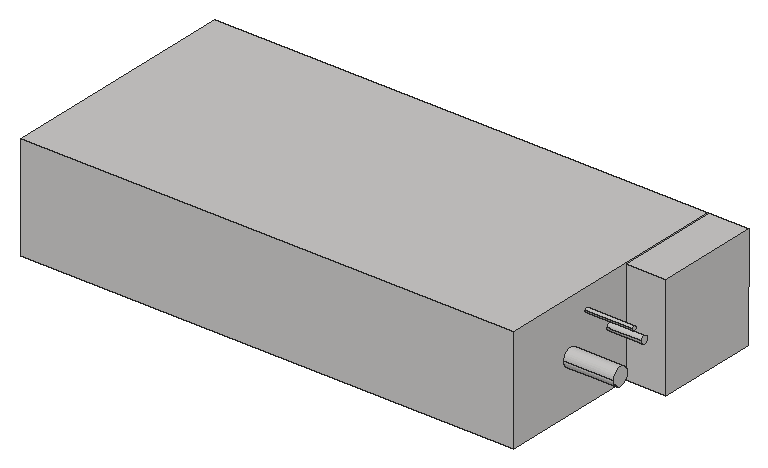
Revit family "Indoor_Unit-VRF-Ducted-JCI-Slim_Static-0.5_1.5Ton-208_230V", category Mechanical Equipment, Revit 2013
Parameters (values of type "0.5 Ton - 208V /1PH 60Hz")
  Width = 35 3/4"
  Voltage = 208 V
  URL = "http://www.johnsoncontrols.com"
  Type Comments = "0.5 Ton Unit - 208V"
  Total Static Pressure = 0.32 in-wg
  Supply Air Flow [instance] = 0 CFM
  Supply Air Connection Width = 29 17/32"
  Supply Air Connection Height = 5 1/8"
  Sound Pressure Level = "34 dB"
  Show Clearance [instance] = no
  Return Air Flow [instance] = 0 CFM
  Return Air Connection Width = 29 7/8"
  Return Air Connection Height = 6 23/32"
  Refrigerant Used = "R410A"  # constant formula
  Product Page URL = "http://www.johnsoncontrols.com/content/us/en/products/building_efficiency/products-and-systems/integrated_hvac_systems/Industrial___Commercial_HVAC_Equipment/Variable_Refrigerant_Flow_Systems_.html"
  Product Documentation Link = "http://www.johnsoncontrols.com/content/dam/WWW/jci/be/integrated_hvac_systems/hvac_equipment/variable_refrigerant/Catalog%202015%20VRF%20catalog_012115_D_FNL.pdf"
  Power Factor = 1
  Pipe Right Offset Liquid = 3 17/32"
  Pipe Right Offset Gas = 2 9/16"
  Pipe Right Offset Drain = 3 21/32"
  Pipe Height Inset Liquid = 6 3/16"
  Pipe Height Inset Gas = 4 3/16"
  Pipe Height Inset Drain = 3 3/4"
  Pipe Front Inset Liquid = 6 17/32"
  Pipe Front Inset Gas = 8 21/32"
  Pipe Front Inset Drain = 5 3/32"
  Phase = 1
  Nominal Heating Capacity = 0.0 Btu/h
  Nominal Cooling Capacity = 0.0 Btu/h
  Net Weight = 44.00 lbf
  Model = "YIDS006B21S"
  Minimum Circuit Ampacity = 0 A
  Manufacturer = "Johnson Controls Inc."  # constant formula
  Liquid Line Radius = Liquid Connection Diameter / 2  # 1/8"
  Liquid Connection Diameter = 1/4"
  Height = 7 9/16"
  Heating Nominal Input Power = 0 W
  Gas Line Radius = Gas Connection Diameter / 2  # 1/4"
  Gas Connection Diameter = 1/2"
  Full Load Current = 0 A
  Frequency = 60 Hz  # constant formula
  Frame Finish = Metal - JCI - Steel - Galvanized - 18ga
  Drain Pipe Radius = Drain Connection Size / 2  # 5/8"
  Drain Connection Size = 1 1/4"  # constant formula
  Description = "VRF Indoor Ducted Slim Static"  # constant formula
  Depth = 17 19/32"
  Copyright © = "2015 Johnson Controls Inc."  # constant formula
  Cooling Nominal Input Power = 0 W
  Clearance Offset Top [instance] = 0"
  Clearance Offset Right [instance] = 23 5/8"
  Clearance Offset Left [instance] = 23 5/8"
  Clearance Offset Front [instance] = 39 3/8"
  Clearance Offset Bottom [instance] = 0"
  Clearance Offset Back [instance] = 39 3/8"
  CTRL Frame Thickness Bottom = 1 23/32"
  Apparent Load = Voltage * Full Load Current  # 0 VA
  Air Flow Rate = 318 CFM
Reference planes (in)
  plane 1 "Center (Front/Back)": y = 0
  plane 2: z = 0
  plane 3 "Center (Left/Right)": x = 0
  plane 4 "Back": y = 8.79687
  plane 5 "Front": y = -8.79688
  plane 6 "Left": x = -17.875
  plane 7 "Right": x = 17.875
  plane 8 "Bottom": z = 25.64456
  plane 9 "Top": z = 33.20706
  plane 10 "Clearance Offset Back": y = 48.17188
  plane 11 "Clearance Offset Front": y = -48.17187
  plane 12 "Clearance Offset Right": x = 41.5
  plane 13 "Clearance Offset Left": x = -41.5
  plane 14 "Clearance Offset Top": z = 33.20706
  plane 15 "Clearance Offset Bottom": z = 25.64456
  plane 16 "Electric Box Back": y = 8.79687
  plane 17 "Liquid F/B": y = -2.26563
  plane 18 "Gas F/B": y = -0.14063
  plane 19 "Drain  F/B": y = -3.70313
  plane 20 "Gas Right": x = 20.4375
  plane 21 "Drain Right": x = 21.53125
  plane 22 "Liquid Right": x = 21.40625
  plane 23 "Gas T/B": z = 29.83206
  plane 24 "Drain T/B": z = 29.39456
  plane 25 "Return Air Bottom": z = 26.05081
  plane 26 "Liquid T/B": z = 31.83206
  plane 27 "Return Air Top": z = 32.76956
  plane 28 "Supply Air Left": x = -16.84375
  plane 29 "Supply Air Right": x = 12.6875
  plane 30 "Supply Air Bottom": z = 27.36331
  plane 31 "Supply Air Top": z = 32.48831
  plane 32 "Return Air Left": x = -17.46875
  plane 33 "Return Air Right": x = 12.40625
  plane 34 "Electric Box Right": x = 20.8125
  plane 35 "Electric Box Front": y = 1.32812
Forms (in)
  Extrusion 1, solid, material "Clearance", visible <- "Show Clearance"
    sketch origin (0.66404, -0.08612, 0) x (-1, 0, 0) y (0, -1, 0)
      loop
        line (42.16404, -48.258) -> (42.16404, 48.08575) -> (-40.83596, 48.08575) -> (-40.83596, -48.258) -> (42.16404, -48.258)
    from 25.64456 to 33.20706
  Extrusion 2, solid, material "Metal - JCI - Steel - Galvanized - 18ga" <- "Frame Finish"
    sketch origin (0, 12.97358, 0) x (1, 0, 0) y (0, 0, 1)
      loop
        line (-17.875, 33.20706) -> (-17.875, 25.64456) -> (17.875, 25.64456) -> (17.875, 33.20706) -> (-17.875, 33.20706)
    from 4.1767 to 21.77045
  Sweep 3, solid, material "Metal - JCI - Steel - Galvanized - 18ga" <- "Frame Finish"
    path origin (0, 0, 31.83206) x (-1, 0, 0) y (0, -1, 0)
      loop
        line (-17.875, 2.26563) -> (-21.40625, 2.26563)
    profile origin (19.64063, -2.26563, 31.83206) x (0, 1, 0) y (0, 0, 1)
      loop
        circle (0, 0) r 0.125
  Sweep 4, solid, material "Metal - JCI - Steel - Galvanized - 18ga" <- "Frame Finish"
    path origin (0, 0, 29.83206) x (-1, 0, 0) y (0, -1, 0)
      loop
        line (-17.875, 0.14063) -> (-20.4375, 0.14063)
    profile origin (19.15625, -0.14063, 29.83206) x (0, 1, 0) y (0, 0, 1)
      loop
        circle (0, 0) r 0.25
  Sweep 5, solid, material "Metal - JCI - Steel - Galvanized - 18ga" <- "Frame Finish"
    path origin (0, 0, 29.39456) x (-1, 0, 0) y (0, -1, 0)
      loop
        line (-17.875, 3.70313) -> (-21.53125, 3.70313)
    profile origin (19.70313, -3.70313, 29.39456) x (0, 1, 0) y (0, 0, 1)
      loop
        circle (0, 0) r 0.625
  Extrusion 6, solid, material "Metal - JCI - Steel - Galvanized - 18ga" <- "Frame Finish"
    sketch origin (0, 0, 31.83206) x (-1, 0, 0) y (0, -1, 0)
      loop
        line (-17.875, -8.79687) -> (-17.875, -1.32812) -> (-20.8125, -1.32812) -> (-20.8125, -8.79687) -> (-17.875, -8.79687)
    from -6.1875 to 1.375
Lines and regions (in)
  Masking region 1
    outline origin (0, 0, 31.83206) x (-1, 0, 0) y (0, -1, 0)
      loop
        line (17.875, -8.79687) -> (17.875, 8.79688) -> (-17.875, 8.79688) -> (-17.875, -8.79687) -> (17.875, -8.79687)
  Masking region 2
    outline origin (2.25, 0.5, 31.83206) x (-1, 0, 0) y (0, -1, 0)
      loop
        line (-15.625, 2.64063) -> (-15.625, 2.89063) -> (-19.15625, 2.89063) -> (-19.15625, 2.64063) -> (-15.625, 2.64063)
  Split face 1
    outline origin (0, -8.79688, 0) x (1, 0, 0) y (0, 0, 1)
      loop
        line (-16.84375, 32.48831) -> (-16.84375, 27.36331) -> (12.6875, 27.36331) -> (12.6875, 32.48831) -> (-16.84375, 32.48831)
  Split face 2
    outline origin (0, 8.79687, 0) x (1, 0, 0) y (0, 0, 1)
      loop
        line (12.40625, 32.76956) -> (-17.46875, 32.76956) -> (-17.46875, 26.05081) -> (12.40625, 26.05081) -> (12.40625, 32.76956)
  Masking region 3
    outline origin (8.5, -5.25, 31.83206) x (-1, 0, 0) y (0, -1, 0)
      loop
        line (-9.375, -14.04687) -> (-9.375, -6.57812) -> (-12.3125, -6.57812) -> (-12.3125, -14.04687) -> (-9.375, -14.04687)
  Masking region 4
    outline origin (0, 0, 29.83206) x (-1, 0, 0) y (0, -1, 0)
      loop
        line (-17.875, -0.10937) -> (-17.875, 0.39063) -> (-20.4375, 0.39063) -> (-20.4375, -0.10937) -> (-17.875, -0.10937)
  Masking region 5
    outline origin (0, 0, 29.39456) x (-1, 0, 0) y (0, -1, 0)
      loop
        line (-17.875, 3.07813) -> (-17.875, 4.32813) -> (-21.53125, 4.32813) -> (-21.53125, 3.07813) -> (-17.875, 3.07813)
  model lines
    curve 1: line (17.875, -2.26563, 31.83206) -> (21.40625, -2.26563, 31.83206)
    curve 2: line (17.875, -0.14063, 29.83206) -> (20.4375, -0.14063, 29.83206)
    curve 3: line (17.875, -3.70313, 29.39456) -> (21.53125, -3.70313, 29.39456)
  model lines, style "Clearance", visible <- "Show Clearance"
    curve 4: line (41.5, -48.17187, 33.20706) -> (-41.5, -48.17187, 33.20706)
    curve 5: line (-41.5, -48.17187, 33.20706) -> (-41.5, -48.17187, 25.64456)
    curve 6: line (-41.5, -48.17187, 25.64456) -> (41.5, -48.17187, 25.64456)
    curve 7: line (41.5, -48.17187, 25.64456) -> (41.5, -48.17187, 33.20706)
    curve 8: line (41.5, 48.17187, 25.64456) -> (-41.5, 48.17187, 25.64456)
    curve 9: line (-41.5, 48.17187, 25.64456) -> (-41.5, 48.17187, 33.20706)
    curve 10: line (-41.5, 48.17187, 33.20706) -> (41.5, 48.17187, 33.20706)
    curve 11: line (41.5, 48.17187, 33.20706) -> (41.5, 48.17187, 25.64456)
    curve 12: line (-41.5, -48.17187, 33.20706) -> (-41.5, 48.17187, 33.20706)
    curve 13: line (-41.5, 48.17187, 25.64456) -> (-41.5, -48.17187, 25.64456)
    curve 14: line (41.5, 48.17187, 33.20706) -> (41.5, -48.17187, 33.20706)
    curve 15: line (41.5, -48.17187, 25.64456) -> (41.5, 48.17187, 25.64456)
Dimensions and locks (in)
  "Width": plane 6 "Left" to plane 7 "Right"
  "Depth": plane 4 "Back" to plane 5 "Front"
  "Height": plane 9 "Top" to plane 8 "Bottom"
  "Clearance Offset Bottom": plane 8 "Bottom" to plane 15 "Clearance Offset Bottom"
  "Clearance Offset Back": plane 10 "Clearance Offset Back" to plane 4 "Back"
  "Clearance Offset Front": plane 11 "Clearance Offset Front" to plane 5 "Front"
  "Clearance Offset Left": plane 13 "Clearance Offset Left" to plane 6 "Left"
  "Clearance Offset Right": plane 7 "Right" to plane 12 "Clearance Offset Right"
  "Clearance Offset Top": plane 14 "Clearance Offset Top" to plane 9 "Top"
  equal spacing: plane 5 "Front", plane 1 "Center (Front/Back)", plane 4 "Back"
  equal spacing: plane 6 "Left", plane 3 "Center (Left/Right)", plane 7 "Right"
  "CTRL Frame Thickness Bottom": plane 30 "Supply Air Bottom" to plane 8 "Bottom"
  locked: plane 6 "Left" to plane 28 "Supply Air Left" at 1.03125
  "Supply Air Connection Height": plane 31 "Supply Air Top" to plane 30 "Supply Air Bottom"
  "Supply Air Connection Width": plane 28 "Supply Air Left" to plane 29 "Supply Air Right"
  locked: plane 6 "Left" to plane 32 "Return Air Left" at 0.40625
  "Return Air Connection Width": plane 33 "Return Air Right" to plane 32 "Return Air Left"
  locked: plane 25 "Return Air Bottom" to plane 8 "Bottom" at 0.40625
  "Return Air Connection Height": plane 27 "Return Air Top" to plane 25 "Return Air Bottom"
  "Pipe Right Offset Liquid": plane 7 "Right" to plane 22 "Liquid Right"
  "Pipe Right Offset Gas": plane 7 "Right" to plane 20 "Gas Right"
  "Pipe Right Offset Drain": plane 7 "Right" to plane 21 "Drain Right"
  "Pipe Front Inset Liquid": plane 5 "Front" to plane 17 "Liquid F/B"
  "Pipe Front Inset Gas": plane 5 "Front" to plane 18 "Gas F/B"
  "Pipe Front Inset Drain": plane 5 "Front" to plane 19 "Drain  F/B"
  "Pipe Height Inset Drain": plane 24 "Drain T/B" to plane 8 "Bottom"
  "Pipe Height Inset Gas": plane 23 "Gas T/B" to plane 8 "Bottom"
  "Pipe Height Inset Liquid": plane 26 "Liquid T/B" to plane 8 "Bottom"
  locked: plane 7 "Right" to plane 34 "Electric Box Right" at 2.9375
  locked: plane 35 "Electric Box Front" to plane 16 "Electric Box Back" at 7.46875
  locked: plane 4 "Back" to plane 16 "Electric Box Back" at 0
  "Liquid Line Radius": radius of Sweep 3 sketch curve
  "Gas Line Radius": radius of Sweep 4 sketch curve
  "Drain Pipe Radius": radius of Sweep 5 sketch curve
  aligned and locked: level to plane 2
  aligned and locked: plane 13 "Clearance Offset Left" to Extrusion 1
  aligned and locked: plane 12 "Clearance Offset Right" to Extrusion 1
  aligned and locked: Extrusion 1 to plane 11 "Clearance Offset Front"
  aligned and locked: plane 10 "Clearance Offset Back" to Extrusion 1
  aligned and locked: plane 14 "Clearance Offset Top" to Extrusion 1
  aligned and locked: Extrusion 1 to plane 15 "Clearance Offset Bottom"
  aligned and locked: Extrusion 2 sketch curve to plane 9 "Top"
  aligned and locked: Extrusion 2 sketch curve to plane 7 "Right"
  aligned and locked: plane 8 "Bottom" to Extrusion 2 sketch curve
  aligned and locked: Extrusion 2 sketch curve to plane 6 "Left"
  aligned and locked: plane 7 "Right" to Sweep 3 sketch curve
  aligned and locked: plane 22 "Liquid Right" to Sweep 3 sketch curve
  aligned and locked: plane 17 "Liquid F/B" to Sweep 3 sketch curve  (x2)
  aligned and locked: plane 26 "Liquid T/B" to Sweep 3 sketch curve
  aligned and locked: plane 23 "Gas T/B" to Sweep 4 sketch curve
  aligned and locked: plane 24 "Drain T/B" to Sweep 5 sketch curve
  aligned and locked: Masking region 1 sketch curve to plane 7 "Right"
  aligned and locked: Masking region 1 sketch curve to plane 6 "Left"
  aligned and locked: Masking region 2 sketch curve to plane 22 "Liquid Right"
  aligned and locked: plane 7 "Right" to Masking region 2 sketch curve
  aligned and locked: Masking region 2 sketch curve to Sweep 3  (x2)
  aligned and locked: plane 5 "Front" to Extrusion 2
  aligned and locked: Split face 1 sketch curve to plane 31 "Supply Air Top"
  aligned and locked: Split face 1 sketch curve to plane 29 "Supply Air Right"
  aligned and locked: plane 30 "Supply Air Bottom" to Split face 1 sketch curve
  aligned and locked: Split face 1 sketch curve to plane 28 "Supply Air Left"
  aligned and locked: plane 27 "Return Air Top" to Split face 2 sketch curve
  aligned and locked: plane 32 "Return Air Left" to Split face 2 sketch curve
  aligned and locked: Split face 2 sketch curve to plane 25 "Return Air Bottom"
  aligned and locked: plane 33 "Return Air Right" to Split face 2 sketch curve
  aligned and locked: plane 7 "Right" to Sweep 5 sketch curve
  aligned and locked: plane 19 "Drain  F/B" to Sweep 5 sketch curve  (x2)
  aligned and locked: plane 18 "Gas F/B" to Sweep 4 sketch curve  (x2)
  aligned and locked: plane 7 "Right" to Sweep 4 sketch curve
  aligned and locked: plane 20 "Gas Right" to Sweep 4 sketch curve
  aligned and locked: plane 21 "Drain Right" to Sweep 5 sketch curve
  aligned and locked: Masking region 1 sketch curve to plane 4 "Back"
  aligned and locked: plane 4 "Back" to Extrusion 2
  aligned and locked: plane 16 "Electric Box Back" to Extrusion 6 sketch curve
  aligned and locked: plane 7 "Right" to Extrusion 6 sketch curve
  aligned and locked: Extrusion 6 sketch curve to plane 35 "Electric Box Front"
  aligned and locked: plane 34 "Electric Box Right" to Extrusion 6 sketch curve
  aligned and locked: Extrusion 6 to plane 8 "Bottom"
  aligned and locked: plane 9 "Top" to Extrusion 6
  aligned and locked: plane 16 "Electric Box Back" to Masking region 3 sketch curve
  aligned and locked: plane 7 "Right" to Masking region 3 sketch curve
  aligned and locked: Masking region 3 sketch curve to plane 35 "Electric Box Front"
  aligned and locked: plane 34 "Electric Box Right" to Masking region 3 sketch curve
  aligned and locked: plane 18 "Gas F/B" to curve 2
  aligned and locked: plane 7 "Right" to curve 2
  aligned and locked: plane 20 "Gas Right" to curve 2
  aligned and locked: plane 7 "Right" to Masking region 4 sketch curve
  aligned and locked: plane 20 "Gas Right" to Masking region 4 sketch curve
  aligned and locked: Masking region 4 sketch curve to Sweep 4  (x2)
  aligned and locked: plane 21 "Drain Right" to curve 3
  aligned and locked: plane 7 "Right" to curve 3
  aligned and locked: plane 19 "Drain  F/B" to curve 3
  aligned and locked: plane 7 "Right" to Masking region 5 sketch curve
  aligned and locked: plane 21 "Drain Right" to Masking region 5 sketch curve
  aligned and locked: Masking region 5 sketch curve to Sweep 5  (x2)
  aligned and locked: curve 4 to Extrusion 1
  aligned and locked: curve 5 to Extrusion 1
  aligned and locked: curve 6 to Extrusion 1
  aligned and locked: curve 7 to Extrusion 1
  aligned and locked: curve 8 to Extrusion 1
  aligned and locked: curve 9 to Extrusion 1
  aligned and locked: curve 10 to Extrusion 1
  aligned and locked: curve 11 to Extrusion 1
  aligned and locked: curve 12 to Extrusion 1
  aligned and locked: curve 13 to Extrusion 1
  aligned and locked: curve 14 to Extrusion 1
  aligned and locked: curve 15 to Extrusion 1
Automatic sketch dimensions
  Extrusion 1 sketch curve to plane 10 "Clearance Offset Back" = 0"
  Extrusion 1 sketch curve to plane 12 "Clearance Offset Right" = 0"
  Extrusion 1 sketch curve to plane 11 "Clearance Offset Front" = 0"
  Extrusion 1 sketch curve to plane 13 "Clearance Offset Left" = 0"
  plane 5 "Front" to Masking region 1 sketch curve = 0"
  plane 17 "Liquid F/B" to curve 1 = 0"
  curve 1 to plane 22 "Liquid Right" = 0"
  curve 1 to plane 7 "Right" = 0"
  curve 12 to Extrusion 1 = 0"  (x2)
  curve 13 to Extrusion 1 = 0"  (x2)
  curve 14 to Extrusion 1 = 0"  (x2)
  curve 15 to Extrusion 1 = 0"  (x2)
Connectors (in)
  piping at (21.40625, -2.26563, 31.83206), driven by "Liquid Line Radius"
    settings: on Sweep 3, index 2, connector radius 1/8", flow factor 0, pipe flow 0 GPM, pressure drop 0.00 psi, fitting loss kfactor 0, connector angle 0.00°, fixture units 0, engagement length 0", flow configuration 0, flow direction 0, fitting loss method 0, system type 29, joint type 0, gender type 0, connector reference index -1, connector utility 0, adjustable connector no, is connector primary yes, fitting loss table "", connector description "Liquid"
  piping at (21.53125, -3.70313, 29.39456), driven by "Drain Pipe Radius"
    settings: on Sweep 5, index 3, connector radius 5/8", flow factor 0, pipe flow 0 GPM, pressure drop 0.00 psi, fitting loss kfactor 0, connector angle 0.00°, fixture units 0, engagement length 0", flow configuration 0, flow direction 0, fitting loss method 0, system type 29, joint type 0, gender type 0, connector reference index -1, connector utility 0, adjustable connector no, is connector primary no, fitting loss table "", connector description "Drain"
  piping at (20.4375, -0.14063, 29.83206), driven by "Gas Line Radius"
    settings: on Sweep 4, index 4, connector radius 1/4", flow factor 0, pipe flow 0 GPM, pressure drop 0.00 psi, fitting loss kfactor 0, connector angle 0.00°, fixture units 0, engagement length 0", flow configuration 0, flow direction 0, fitting loss method 0, system type 29, joint type 0, gender type 0, connector reference index -1, connector utility 0, adjustable connector no, is connector primary no, fitting loss table "", connector description "Gas"
  hvac at (-2.07812, -8.79688, 29.92581), driven by "Supply Air Connection Height", driven by "Supply Air Connection Width", driven by "Supply Air Flow"
    settings: on Extrusion 2, index 5, duct flow 0 CFM, flow factor 0, pres drop 0.00 in-wg, loss coef 0, conn angle 0.00°, conn width 29 17/32", conn height 5 1/8", conn radius 12", duct sys type 1, conn prof type 1, flow config 0, flow direction 2, loss method 0, conn ref index -1, conn util no, is conn primary yes, conn desc "Supply Air Connection"
  hvac at (-2.53125, 8.79687, 29.41019), driven by "Return Air Connection Height", driven by "Return Air Connection Width", driven by "Return Air Flow"
    settings: on Extrusion 2, index 6, duct flow 0 CFM, flow factor 0, pres drop 0.00 in-wg, loss coef 0, conn angle 0.00°, conn width 29 7/8", conn height 6 23/32", conn radius 12", duct sys type 2, conn prof type 1, flow config 0, flow direction 1, loss method 0, conn ref index -1, conn util no, is conn primary no, conn desc "Return Air Connection"
  electrical at (20.8125, 5.0625, 29.42581), driven by "Voltage", driven by "Apparent Load", driven by "Power Factor"
    settings: on Extrusion 6, index 7, voltage 208 V, apparent load 0 VA, apparent load phase1 0 VA, apparent load phase2 0 VA, apparent load phase3 0 VA, power factor 1, load classification "HVAC", number of poles 1, system type 30, power factor state 1, is connector primary yes, connector utility no, sub classification motor no, connector description "Power Supply"
Types in the file's own list only (9): name | Width | Voltage | Type Comments | Total Static Pressure | Supply Air Connection Width | Supply Air Connection Height | Sound Pressure Level | Return Air Connection Width | Return Air Connection Height | Nominal Heating Capacity | Nominal Cooling Capacity | Net Weight | Model | Minimum Circuit Ampacity | Liquid Line Radius | Liquid Connection Diameter | Heating Nominal Input Power | Gas Line Radius | Gas Connection Diameter | Drain Connection Size | Cooling Nominal Input Power | Air Flow Rate
  0.7 Ton - 208V /1PH 60Hz | 35 3/4" | 208 V | "0.7 Ton Unit - 208V" | 0.12 in-wg | 30" | 5" | "32 dB" | 30" | 7" | 9000.0 Btu/h | 8000.0 Btu/h | 44.00 lb | "YIDS008B21S" | 1 A | 1/8" | 0" | 25 W | 1/4" | 1" | 1" | 25 W | 318 CFM
  1 Ton - 208V /1PH 60Hz | 35 3/4" | 208 V | "1 Ton Unit - 208V" | 0.12 in-wg | 30" | 5" | "34 dB" | 30" | 7" | 13500.0 Btu/h | 12000.0 Btu/h | 46.00 lb | "YIDS012B21S" | 1 A | 1/8" | 0" | 30 W | 1/4" | 1" | 1" | 30 W | 346 CFM
  1.3 Ton - 208V /1PH 60Hz | 46 3/8" | 208 V | "1.3 Ton Unit - 208V" | 0.20 in-wg | 40" | 5" | "36 dB" | 41" | 7" | 17000.0 Btu/h | 15000.0 Btu/h | 57.00 lb | "YIDS015B21S" | 1 A | 1/8" | 0" | 45 W | 1/4" | 1" | 1" | 45 W | 512 CFM
  1.5 Ton - 208V /1PH 60Hz | 46 3/8" | 208 V | "1.5 Ton Unit - 208V" | 0.20 in-wg | 40" | 5" | "40 dB" | 41" | 7" | 20000.0 Btu/h | 18000.0 Btu/h | 57.00 lb | "YIDS018B21S" | 1 A | 3/16" | 0" | 55 W | 5/16" | 1" | 1" | 55 W | 582 CFM
  0.5 Ton - 230V /1PH 60Hz | 35 3/4" | 230 V | "0.5 Ton Unit - 230V" | 0.12 in-wg | 30" | 5" | "32 dB" | 30" | 7" | 6700.0 Btu/h | 6000.0 Btu/h | 44.00 lb | "YIDS006B21S" | 1 A | 1/8" | 0" | 25 W | 1/4" | 1" | 1" | 25 W | 318 CFM
  0.7 Ton - 230V /1PH 60Hz | 35 3/4" | 230 V | "0.7 Ton Unit - 230V" | 0.12 in-wg | 30" | 5" | "32 dB" | 30" | 7" | 9000.0 Btu/h | 8000.0 Btu/h | 44.00 lb | "YIDS008B21S" | 1 A | 1/8" | 0" | 25 W | 1/4" | 1" | 1" | 25 W | 318 CFM
  1 Ton - 230V /1PH 60Hz | 35 3/4" | 230 V | "1 Ton Unit - 230V" | 0.12 in-wg | 30" | 5" | "34 dB" | 30" | 7" | 13500.0 Btu/h | 12000.0 Btu/h | 46.00 lb | "YIDS012B21S" | 1 A | 1/8" | 0" | 30 W | 1/4" | 1" | 1" | 30 W | 346 CFM
  1.3 Ton - 230V /1PH 60Hz | 46 3/8" | 230 V | "1.3 Ton Unit - 230V" | 0.20 in-wg | 40" | 5" | "36 dB" | 41" | 7" | 17000.0 Btu/h | 15000.0 Btu/h | 57.00 lb | "YIDS015B21S" | 1 A | 1/8" | 0" | 45 W | 1/4" | 1" | 1" | 45 W | 512 CFM
  1.5 Ton - 230V /1PH 60Hz | 46 3/8" | 230 V | "1.5 Ton Unit - 230V" | 0.20 in-wg | 40" | 5" | "40 dB" | 41" | 7" | 20000.0 Btu/h | 18000.0 Btu/h | 57.00 lb | "YIDS018B21S" | 1 A | 3/16" | 0" | 55 W | 5/16" | 1" | 1" | 55 W | 582 CFM
